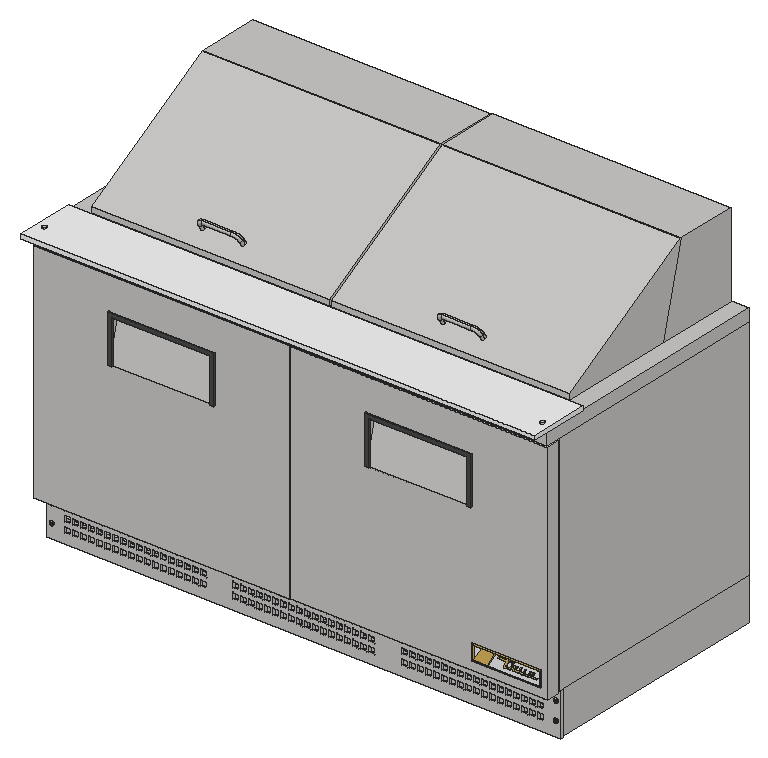
Revit family "QF_TRUE_TFP-64-24M", category Specialty Equipment, Revit 2011
Parameters
  Weight = " "
  Watts = FL Amps * Volts  # 0 W
  Volts = 115 V
  URL Manufacturer = "www.truemfg.com"
  URL Cutsheet = "www.truemfg.com"
  URL = "www.truemfg.com"
  Type Mark [instance] = ""
  Status [instance] = ""
  Specification by User [instance] = ""
  Specification by Manufacturer = ""
  Show Logo [instance] = yes
  Show Clearance [instance] = yes
  Serial Number = ""
  Seismic Rating = ""
  SMACNA No = ""
  Revision Code [instance] = ""
  Phase = 1
  Omniclass Number and Title = ""
  Number of Poles [instance] = 1
  NAFEM Spec ID Number = ""
  Model = "TFP-64-24M"
  Min Ckt Ampacity = 0 A
  Max Overcurrent Protection = 0 A
  MasterSpec. = ""
  Manufacturer = "TRUE FOOD SERVICE EQUIPMENT, INC."
  Item Number [instance] = ""
  Installed By [instance] = ""
  Identify Quantity as Lot [instance] = yes
  HP = "1/3"
  Furnished By [instance] = ""
  Foodservice Equipment Identifier [instance] = yes
  FL Amps = 0 A
  Electrical Remarks [instance] = ""
  Electric Connection Type [instance] = ""
  Elec Conn RI Height [instance] = 0"
  Elec Conn Connection Height [instance] = 0"
  Description = "FOOD PREP UNIT"
  Cycle = 60 Hz
  Conn Plug = "5-15P"
  Conn Conduit = yes
  CSI MasterFormat = ""
  CSI Master Format = ""
  Apparent Power = if(Phase = 3, Volts * FL Amps * 1.73, Volts * FL Amps)  # 0 VA
Reference planes (in)
  plane 1 "BACK": y = -16.5
  plane 2: z = 0
  plane 3 "LEFT": x = 0
  plane 4 "RIGHT": x = 64.125
  plane 5 "FRONT": y = -50.03125
  plane 6 "TOP": z = 46.5
  plane 7: x = 64.125
  plane 8: x = 17.125
  plane 9: y = -48
  plane 10: y = -78.5625
Forms (in)
  Extrusion 1, solid, material "QF_Finishes_Stainless Steel"
    sketch origin (0.125, 0, 0) x (0, 1, 0) y (0, 0, 1)
      loop
        line (-16.5, 36) -> (-16.5, 46.5) -> (-24.34375, 46.5) -> (-27.1875, 36) -> (-16.5, 36)
    from 2.125 to 31.875
  Extrusion 2, solid, material "QF_Finishes_Stainless Steel"
    sketch origin (2.18763, 0, 0) x (0, 1, 0) y (0, 0, 1)
      loop
        line (-27.1875, 36) -> (-24.34375, 46.5) -> (-41.71875, 36.68893) -> (-41.71875, 36) -> (-27.1875, 36)
    from 0.06237 to 29.81237
  Extrusion 3, solid, material "QF_Finishes_Stainless Steel"
    sketch origin (0, 0, 0) x (0, 1, 0) y (0, 0, 1)
      loop
        line (-48, 36) -> (-48, 34.40823) -> (-16.5, 34.40823) -> (-16.5, 36) -> (-48, 36)
    from 0 to 64.125
  Extrusion 4, solid, material "QF_Finishes_Stainless Steel"
    sketch origin (0, 0, 0) x (0, 1, 0) y (0, 0, 1)
      loop
        line (-45.87, 34.40823) -> (-45.87, 6.04042) -> (-16.96875, 6.04042) -> (-16.96875, 3.25) -> (-45.12, 3.25) -> (-45.12, 1) -> (-45.62, 1) -> (-45.62, 0.75) -> (-44.87, 0.75) -> (-44.87, 3) -> (-16.96875, 3) -> (-16.96875, 0.75) -> (-16.5, 0.75) -> (-16.5, 34.40823) -> (-45.87, 34.40823)
    from 0 to 64.125
  Extrusion 5, solid, material "QF_Finishes_Stainless Steel"
    sketch origin (0, -16.5, 0) x (1, 0, 0) y (0, 0, 1)
      loop
        line (0, 0.75) -> (0.53645, 0.75) -> (0.53645, 6.04042) -> (0, 6.04042) -> (0, 0.75)
      loop
        line (32.125, 0.75) -> (32.125, 6.04042) -> (31.58855, 6.04042) -> (31.58855, 0.75) -> (32.125, 0.75)
    from 0 to 29.12
  Extrusion 6, solid, material "QF_Finishes_Stainless Steel"
    sketch origin (0, -15, 0) x (1, 0, 0) y (0, 0, 1)
      loop
        line (32.03645, 6.04042) -> (32.03645, 34.28323) -> (0, 34.28323) -> (0, 6.04042) -> (32.03645, 6.04042)
      loop
        line (9.4375, 24.28323) -> (22.6875, 24.28323) -> (22.6875, 30.28323) -> (9.4375, 30.28323) -> (9.4375, 24.28323)
    from 31.44201 to 33
  Extrusion 7, solid, material "QF_Finishes_Black"
    sketch origin (0, 1.5, 0) x (0, 1, 0) y (0, 0, 1)
      loop
        line (-47.94201, 33.8406) -> (-47.94201, 6.82675) -> (-47.37, 6.82675) -> (-47.37, 33.8406) -> (-47.94201, 33.8406)
    from 0.53645 to 31.58855
  Extrusion 8, solid, material "QF_Finishes_Stainless Steel"
    sketch origin (0, 1.5, 0) x (0, 1, 0) y (0, 0, 1)
      loop
        line (-47.94201, 30.28323) -> (-49.5, 24.28323) -> (-47.94201, 24.28323) -> (-47.94201, 30.28323)
    from 9.4375 to 22.6875
  Extrusion 9, solid, material "QF_Finishes_Black"
    sketch origin (0, -48, 0) x (1, 0, 0) y (0, 0, 1)
      loop
        line (22.6875, 30.28323) -> (9.4375, 30.28323) -> (9.4375, 24.28323) -> (9.9375, 24.28323) -> (9.9375, 29.78323) -> (22.1875, 29.78323) -> (22.1875, 24.28323) -> (22.6875, 24.28323) -> (22.6875, 30.28323)
    from 0 to 0.125
  Extrusion 10, solid, material "QF_Finishes_White"
    sketch origin (0, 0, 0) x (0, 1, 0) y (0, 0, 1)
      loop
        line (-50.03125, 36.5) -> (-50.03125, 36) -> (-42.53125, 36) -> (-42.53125, 36.5) -> (-50.03125, 36.5)
    from 0 to 64.25
  Sweep 11, solid, material "QF_Finishes_Stainless Steel"
    path origin (0.94311, -19.52146, 7.92906) x (1, 0, 0) y (0, -0.560766, 0.827974)
      loop
        line (18.42574, 36.0969) -> (18.42574, 36.8469)
        arc (18.42574, 36.8469) -> (18.29892, 37.15309) -> (17.99273, 37.27992) r 0.43301
        line (17.99273, 37.27992) -> (14.37051, 37.27992)
        arc (14.37051, 37.27992) -> (14.06433, 37.15309) -> (13.9375, 36.8469) r 0.43301
        line (13.9375, 36.8469) -> (13.9375, 36.0969)
    profile origin (14.88061, -39.97367, 38.12686) x (1, 0, 0) y (0, -0.827974, -0.560766)
      loop
        circle (-0.25, 0) r 0.25
  Extrusion 12, solid, material "QF_Finishes_Handrails and Railings"
    sketch origin (0, -45.87, 0) x (1, 0, 0) y (0, 0, 1)
      loop
        circle (0.625, 4.80001) r 0.25
      loop
        circle (0.625, 2.55001) r 0.25
      loop
        line (0.60938, 4.93254) -> (0.60938, 4.81564) -> (0.49788, 4.81564) -> (0.49788, 4.78439) -> (0.60938, 4.78439) -> (0.60938, 4.66749) -> (0.64063, 4.66749) -> (0.64063, 4.78439) -> (0.75212, 4.78439) -> (0.75212, 4.81564) -> (0.64063, 4.81564) -> (0.64063, 4.93254) -> (0.60938, 4.93254)
      loop
        line (0.60937, 2.68254) -> (0.60937, 2.56564) -> (0.49788, 2.56564) -> (0.49788, 2.53439) -> (0.60937, 2.53439) -> (0.60937, 2.41749) -> (0.64062, 2.41749) -> (0.64062, 2.53439) -> (0.75212, 2.53439) -> (0.75212, 2.56564) -> (0.64062, 2.56564) -> (0.64062, 2.68254) -> (0.60937, 2.68254)
    from 0 to 0.0625
  Extrusion 13, solid, material "QF_Finishes_Satin - Goldenrod", visible <- "Show Logo"
    sketch origin (53.98583, -13.23203, -22.37075) x (1, 0, 0) y (0, 0, 1)
      loop
        line (4.18351, 31.09206) -> (4.10478, 30.92323) -> (5.15208, 30.92323)
        arc (5.15208, 30.92323) -> (5.17333, 30.88564) -> (5.15208, 30.84805) r 0.04386
        line (5.15208, 30.84805) -> (4.87892, 30.26228)
        arc (4.87892, 30.26228) -> (4.87656, 30.20802) -> (4.91325, 30.16798) r 0.07096
        line (4.91325, 30.16798) -> (5.5829, 30.16798)
        arc (5.5829, 30.16798) -> (5.66746, 30.19464) -> (5.72144, 30.26498) r 0.14742
        line (5.72144, 30.26498) -> (5.9364, 30.72597) -> (6.1339, 30.72597)
        arc (6.1339, 30.72597) -> (6.18572, 30.70692) -> (6.17822, 30.65222) r 0.04405
        line (6.17822, 30.65222) -> (5.99835, 30.26649)
        arc (5.99835, 30.26649) -> (6.00115, 30.20243) -> (6.05523, 30.16798) r 0.06943
        line (6.05523, 30.16798) -> (6.64365, 30.16798)
        arc (6.64365, 30.16798) -> (6.68873, 30.18439) -> (6.71272, 30.22594) r 0.07014
        arc (6.71272, 30.22594) -> (6.7297, 30.18495) -> (6.77068, 30.16798) r 0.05796
        line (6.77068, 30.16798) -> (7.14325, 30.16798)
        arc (7.14325, 30.16798) -> (7.18629, 30.17951) -> (7.2178, 30.21102) r 0.08608
        arc (7.2178, 30.21102) -> (7.23289, 30.1746) -> (7.26931, 30.15952) r 0.0515
        line (7.26931, 30.15952) -> (7.79882, 30.15952)
        arc (7.79882, 30.15952) -> (7.84211, 30.17745) -> (7.86005, 30.22074) r 0.06122
        arc (7.86005, 30.22074) -> (7.89973, 30.18105) -> (7.95394, 30.16653) r 0.10842
        line (7.95394, 30.16653) -> (8.94586, 30.16653) -> (9.05604, 30.35737) -> (8.05555, 30.35737)
        arc (8.05555, 30.35737) -> (8.02794, 30.37652) -> (8.02691, 30.41011) r 0.03732
        line (8.02691, 30.41011) -> (8.04422, 30.44722)
        arc (8.04422, 30.44722) -> (8.07079, 30.48203) -> (8.11255, 30.49524) r 0.07263
        line (8.11255, 30.49524) -> (8.43414, 30.49524)
        arc (8.43414, 30.49524) -> (8.50355, 30.51383) -> (8.55436, 30.56465) r 0.13882
        line (8.55436, 30.56465) -> (8.6475, 30.72597)
        arc (8.6475, 30.72597) -> (8.6475, 30.81208) -> (8.57293, 30.85513) r 0.08611
        line (8.57293, 30.85513) -> (8.23352, 30.85513)
        arc (8.23352, 30.85513) -> (8.14699, 30.84044) -> (8.08663, 30.77673) r 0.13863
        line (8.08663, 30.77673) -> (7.92534, 30.43083)
        arc (7.92534, 30.43083) -> (7.87774, 30.3688) -> (7.80316, 30.34528) r 0.13002
        line (7.80316, 30.34528) -> (7.45109, 30.34528)
        arc (7.45109, 30.34528) -> (7.40895, 30.39128) -> (7.41167, 30.4536) r 0.08151
        line (7.41167, 30.4536) -> (7.59891, 30.85513) -> (7.47974, 30.85513) -> (7.28137, 30.42972)
        arc (7.28137, 30.42972) -> (7.24283, 30.37949) -> (7.18244, 30.36046) r 0.10527
        line (7.18244, 30.36046) -> (6.93967, 30.36046)
        arc (6.93967, 30.36046) -> (6.89865, 30.41392) -> (6.90744, 30.48073) r 0.08805
        line (6.90744, 30.48073) -> (7.08203, 30.85513) -> (6.95897, 30.85513) -> (6.75801, 30.42418)
        arc (6.75801, 30.42418) -> (6.71136, 30.37753) -> (6.64764, 30.36046) r 0.12745
        line (6.64764, 30.36046) -> (6.29609, 30.36046)
        arc (6.29609, 30.36046) -> (6.23295, 30.3899) -> (6.22688, 30.4593) r 0.06967
        line (6.22688, 30.4593) -> (6.34243, 30.70711) -> (6.50577, 30.70711)
        arc (6.50577, 30.70711) -> (6.53334, 30.79018) -> (6.592, 30.85513) r 0.21289
        line (6.592, 30.85513) -> (5.95369, 30.85513)
        arc (5.95369, 30.85513) -> (5.88276, 30.83941) -> (5.83367, 30.78584) r 0.12081
        line (5.83367, 30.78584) -> (5.66065, 30.4148)
        arc (5.66065, 30.4148) -> (5.62087, 30.37502) -> (5.56653, 30.36046) r 0.10869
        line (5.56653, 30.36046) -> (5.18545, 30.36046)
        arc (5.18545, 30.36046) -> (5.15571, 30.40065) -> (5.16137, 30.45033) r 0.06822
        line (5.16137, 30.45033) -> (5.41281, 30.92323) -> (6.04721, 30.92323) -> (6.12594, 31.09206) -> (5.49154, 31.09206) -> (5.57027, 31.2609) -> (5.34459, 31.2609) -> (5.26586, 31.09206) -> (4.18351, 31.09206)
      loop
        arc (8.19062, 30.70184) -> (8.16316, 30.69448) -> (8.14305, 30.67438) r 0.05494
        line (8.14305, 30.67438) -> (8.12672, 30.62415)
        arc (8.12672, 30.62415) -> (8.13429, 30.60587) -> (8.15258, 30.59829) r 0.02586
        line (8.15258, 30.59829) -> (8.43014, 30.59829)
        arc (8.43014, 30.59829) -> (8.45013, 30.60273) -> (8.46638, 30.6152) r 0.04731
        line (8.46638, 30.6152) -> (8.47988, 30.6777)
        arc (8.47988, 30.6777) -> (8.47591, 30.69443) -> (8.46039, 30.70184) r 0.01994
        line (8.46039, 30.70184) -> (8.19062, 30.70184)
      loop
        line (1.13539, 29.6475) -> (2.84485, 29.6475) -> (3.77016, 31.25018) -> (2.0607, 31.25018) -> (1.13539, 29.6475)
    from 34.76797 to 34.83173
  Extrusion 14, solid, material "QF_Finishes_White", visible <- "Show Logo"
    sketch origin (-10.51627, -13.25, -25.21535) x (1, 0, 0) y (0, 0, 1)
      loop
        line (73.84232, 34.15728) -> (65.51732, 34.15728) -> (65.51732, 32.4296) -> (73.84232, 32.4296) -> (73.84232, 34.15728)
    from 34.75 to 34.76797
  Extrusion 15, solid, material "QF_Finishes_Satin - Goldenrod", visible <- "Show Logo"
    sketch origin (-10.51627, -13.25, -25.21535) x (1, 0, 0) y (0, 0, 1)
      loop
        line (73.97982, 34.29477) -> (65.37982, 34.29477) -> (65.37982, 32.2921) -> (73.97982, 32.2921) -> (73.97982, 34.29477)
      loop
        line (65.51732, 34.15728) -> (65.51732, 32.4296) -> (73.84232, 32.4296) -> (73.84232, 34.15728) -> (65.51732, 34.15728)
    from 34.75 to 34.80335
  Revolve 16, solid, material "QF_Finishes_Black"
    sketch origin (1.76401, -42.04829, 0.25) x (1, 0, 0) y (0, 0, 1)
      loop
        line (2.62908, 2.14592) -> (2.525, 2.25) -> (1.475, 2.25) -> (1.375, 2.15) -> (1.375, 1.10871) -> (1.05969, 1.10871) -> (1.05969, 1) -> (2.94031, 1) -> (2.94031, 1.10871) -> (2.62908, 1.10871) -> (2.62908, 2.14592)
      axis (2.94031, 1) -> (1.05969, 1)
    angle from 0 to 360
  Revolve 17, solid, material "QF_Finishes_Chrome - Satin"
    sketch origin (1.76605, -42.79776, -2.97972) x (1, 0, 0) y (0, 0, 1)
      loop
        line (2, 5.74546) -> (2, 5.97972) -> (0.70293, 5.97972) -> (0.70293, 5.74546) -> (2, 5.74546)
      axis (2, 5.74546) -> (2, 5.97972)
    angle from 0 to 360
  Extrusion 18, solid, material "QF_Finishes_Handrails and Railings"
    sketch origin (-46.0152, -14.33096, -2.47972) x (0, 1, 0) y (0, 0, 1)
      loop
        line (-29.85761, 5.24546) -> (-29.85761, 5.04886) -> (-27.1095, 5.04886) -> (-27.1095, 5.24546) -> (-29.85761, 5.24546)
    from 49.10625 to 50.45625
  Extrusion 19, solid, material "QF_Finishes_Handrails and Railings"
    sketch origin (1.76605, -12.67471, -2.21999) x (0, 1, 0) y (0, 0, 1)
      loop
        line (-31.51386, 4.98574) -> (-31.51386, 4.78914) -> (-31.17057, 4.78914) -> (-29.89421, 3.10275)
        arc (-29.89421, 3.10275) -> (-29.21858, 2.8289) -> (-28.76575, 3.40024) r 0.60806
        line (-28.76575, 3.40024) -> (-28.76575, 4.98574) -> (-31.51386, 4.98574)
    from 1.175 to 1.325
  Extrusion 20, solid, material "QF_Finishes_Handrails and Railings"
    sketch origin (5.76605, -12.67471, -2.21999) x (0, 1, 0) y (0, 0, -1)
      loop
        line (-31.51386, -4.98574) -> (-28.76575, -4.98574) -> (-28.76575, -3.40024)
        arc (-28.76575, -3.40024) -> (-29.21858, -2.8289) -> (-29.89421, -3.10275) r 0.60806
        line (-29.89421, -3.10275) -> (-31.17057, -4.78914) -> (-31.51386, -4.78914) -> (-31.51386, -4.98574)
    from 1.175 to 1.325
  Revolve 21, solid, material "QF_Finishes_Black"
    sketch origin (1.76401, -18.86079, 0.25) x (1, 0, 0) y (0, 0, 1)
      loop
        line (2.62908, 2.14592) -> (2.525, 2.25) -> (1.475, 2.25) -> (1.375, 2.15) -> (1.375, 1.10871) -> (1.05969, 1.10871) -> (1.05969, 1) -> (2.94031, 1) -> (2.94031, 1.10871) -> (2.62908, 1.10871) -> (2.62908, 2.14592)
      axis (2.94031, 1) -> (1.05969, 1)
    angle from 0 to 360
  Revolve 22, solid, material "QF_Finishes_Chrome - Satin"
    sketch origin (1.76605, -19.61026, -2.97972) x (1, 0, 0) y (0, 0, 1)
      loop
        line (2, 5.74546) -> (2, 5.97972) -> (0.70293, 5.97972) -> (0.70293, 5.74546) -> (2, 5.74546)
      axis (2, 5.74546) -> (2, 5.97972)
    angle from 0 to 360
  Extrusion 23, solid, material "QF_Finishes_Handrails and Railings"
    sketch origin (-46.0152, 8.85654, -2.47972) x (0, 1, 0) y (0, 0, 1)
      loop
        line (-29.85761, 5.24546) -> (-29.85761, 5.04886) -> (-27.1095, 5.04886) -> (-27.1095, 5.24546) -> (-29.85761, 5.24546)
    from 49.10625 to 50.45625
  Extrusion 24, solid, material "QF_Finishes_Handrails and Railings"
    sketch origin (1.76605, 10.51279, -2.21999) x (0, 1, 0) y (0, 0, 1)
      loop
        line (-31.51386, 4.98574) -> (-31.51386, 4.78914) -> (-31.17057, 4.78914) -> (-29.89421, 3.10275)
        arc (-29.89421, 3.10275) -> (-29.21858, 2.8289) -> (-28.76575, 3.40024) r 0.60806
        line (-28.76575, 3.40024) -> (-28.76575, 4.98574) -> (-31.51386, 4.98574)
    from 1.175 to 1.325
  Extrusion 25, solid, material "QF_Finishes_Handrails and Railings"
    sketch origin (5.76605, 10.51279, -2.21999) x (0, 1, 0) y (0, 0, -1)
      loop
        line (-31.51386, -4.98574) -> (-28.76575, -4.98574) -> (-28.76575, -3.40024)
        arc (-28.76575, -3.40024) -> (-29.21858, -2.8289) -> (-29.89421, -3.10275) r 0.60806
        line (-29.89421, -3.10275) -> (-31.17057, -4.78914) -> (-31.51386, -4.78914) -> (-31.51386, -4.98574)
    from 1.175 to 1.325
  Extrusion 26, solid, material "QF_Finishes_Stainless Steel"
    sketch origin (32.125, -16.5, 0) x (1, 0, 0) y (0, 0, 1)
      loop
        circle (29.81237, 6.1875) r 0.25
    from 0 to 0.125
  Extrusion 27, solid, material "QF_Finishes_Handrails and Railings"
    sketch origin (0, 0, 36.5) x (1, 0, 0) y (0, 1, 0)
      loop
        circle (1, -47.5255) r 0.25
    from 0 to 0.0625
  Extrusion 28, solid, material "QF_Finishes_Stainless Steel"
    sketch origin (8, -16, 0) x (1, 0, 0) y (0, 0, 1)
      loop
        line (-8, 0.75) -> (56.25, 0.75) -> (56.25, 6.05001) -> (-8, 6.05001) -> (-8, 0.75)
      loop
        line (-5.8125, 5.23339) -> (-5.8125, 4.48339) -> (-5.0625, 4.48339) -> (-5.0625, 5.23339) -> (-5.8125, 5.23339)
      loop
        line (-3.8125, 5.23339) -> (-3.8125, 4.48339) -> (-3.0625, 4.48339) -> (-3.0625, 5.23339) -> (-3.8125, 5.23339)
      loop
        line (-1.8125, 5.23339) -> (-1.8125, 4.48339) -> (-1.0625, 4.48339) -> (-1.0625, 5.23339) -> (-1.8125, 5.23339)
      loop
        line (0.1875, 5.23339) -> (0.1875, 4.48339) -> (0.9375, 4.48339) -> (0.9375, 5.23339) -> (0.1875, 5.23339)
      loop
        line (2.1875, 5.23339) -> (2.1875, 4.48339) -> (2.9375, 4.48339) -> (2.9375, 5.23339) -> (2.1875, 5.23339)
      loop
        line (4.1875, 5.23339) -> (4.1875, 4.48339) -> (4.9375, 4.48339) -> (4.9375, 5.23339) -> (4.1875, 5.23339)
      loop
        line (6.1875, 5.23339) -> (6.1875, 4.48339) -> (6.9375, 4.48339) -> (6.9375, 5.23339) -> (6.1875, 5.23339)
      loop
        line (-5.8125, 3.98339) -> (-5.8125, 3.23339) -> (-5.0625, 3.23339) -> (-5.0625, 3.98339) -> (-5.8125, 3.98339)
      loop
        line (-3.8125, 3.98339) -> (-3.8125, 3.23339) -> (-3.0625, 3.23339) -> (-3.0625, 3.98339) -> (-3.8125, 3.98339)
      loop
        line (-1.8125, 3.98339) -> (-1.8125, 3.23339) -> (-1.0625, 3.23339) -> (-1.0625, 3.98339) -> (-1.8125, 3.98339)
      loop
        line (0.1875, 3.98339) -> (0.1875, 3.23339) -> (0.9375, 3.23339) -> (0.9375, 3.98339) -> (0.1875, 3.98339)
      loop
        line (2.1875, 3.98339) -> (2.1875, 3.23339) -> (2.9375, 3.23339) -> (2.9375, 3.98339) -> (2.1875, 3.98339)
      loop
        line (4.1875, 3.98339) -> (4.1875, 3.23339) -> (4.9375, 3.23339) -> (4.9375, 3.98339) -> (4.1875, 3.98339)
      loop
        line (6.1875, 3.98339) -> (6.1875, 3.23339) -> (6.9375, 3.23339) -> (6.9375, 3.98339) -> (6.1875, 3.98339)
      loop
        line (-5.8125, 2.73339) -> (-5.8125, 1.98339) -> (-5.0625, 1.98339) -> (-5.0625, 2.73339) -> (-5.8125, 2.73339)
      loop
        line (-3.8125, 2.73339) -> (-3.8125, 1.98339) -> (-3.0625, 1.98339) -> (-3.0625, 2.73339) -> (-3.8125, 2.73339)
      loop
        line (-1.8125, 2.73339) -> (-1.8125, 1.98339) -> (-1.0625, 1.98339) -> (-1.0625, 2.73339) -> (-1.8125, 2.73339)
      loop
        line (0.1875, 2.73339) -> (0.1875, 1.98339) -> (0.9375, 1.98339) -> (0.9375, 2.73339) -> (0.1875, 2.73339)
      loop
        line (2.1875, 2.73339) -> (2.1875, 1.98339) -> (2.9375, 1.98339) -> (2.9375, 2.73339) -> (2.1875, 2.73339)
      loop
        line (4.1875, 2.73339) -> (4.1875, 1.98339) -> (4.9375, 1.98339) -> (4.9375, 2.73339) -> (4.1875, 2.73339)
      loop
        line (6.1875, 2.73339) -> (6.1875, 1.98339) -> (6.9375, 1.98339) -> (6.9375, 2.73339) -> (6.1875, 2.73339)
      loop
        line (-4.8125, 5.23339) -> (-4.8125, 4.48339) -> (-4.0625, 4.48339) -> (-4.0625, 5.23339) -> (-4.8125, 5.23339)
      loop
        line (-4.8125, 3.98339) -> (-4.8125, 3.23339) -> (-4.0625, 3.23339) -> (-4.0625, 3.98339) -> (-4.8125, 3.98339)
      loop
        line (-4.8125, 2.73339) -> (-4.8125, 1.98339) -> (-4.0625, 1.98339) -> (-4.0625, 2.73339) -> (-4.8125, 2.73339)
      loop
        line (-2.8125, 5.23339) -> (-2.8125, 4.48339) -> (-2.0625, 4.48339) -> (-2.0625, 5.23339) -> (-2.8125, 5.23339)
      loop
        line (-2.8125, 3.98339) -> (-2.8125, 3.23339) -> (-2.0625, 3.23339) -> (-2.0625, 3.98339) -> (-2.8125, 3.98339)
      loop
        line (-2.8125, 2.73339) -> (-2.8125, 1.98339) -> (-2.0625, 1.98339) -> (-2.0625, 2.73339) -> (-2.8125, 2.73339)
      loop
        line (-0.8125, 5.23339) -> (-0.8125, 4.48339) -> (-0.0625, 4.48339) -> (-0.0625, 5.23339) -> (-0.8125, 5.23339)
      loop
        line (-0.8125, 3.98339) -> (-0.8125, 3.23339) -> (-0.0625, 3.23339) -> (-0.0625, 3.98339) -> (-0.8125, 3.98339)
      loop
        line (-0.8125, 2.73339) -> (-0.8125, 1.98339) -> (-0.0625, 1.98339) -> (-0.0625, 2.73339) -> (-0.8125, 2.73339)
      loop
        line (1.1875, 5.23339) -> (1.1875, 4.48339) -> (1.9375, 4.48339) -> (1.9375, 5.23339) -> (1.1875, 5.23339)
      loop
        line (1.1875, 3.98339) -> (1.1875, 3.23339) -> (1.9375, 3.23339) -> (1.9375, 3.98339) -> (1.1875, 3.98339)
      loop
        line (1.1875, 2.73339) -> (1.1875, 1.98339) -> (1.9375, 1.98339) -> (1.9375, 2.73339) -> (1.1875, 2.73339)
      loop
        line (3.1875, 5.23339) -> (3.1875, 4.48339) -> (3.9375, 4.48339) -> (3.9375, 5.23339) -> (3.1875, 5.23339)
      loop
        line (3.1875, 3.98339) -> (3.1875, 3.23339) -> (3.9375, 3.23339) -> (3.9375, 3.98339) -> (3.1875, 3.98339)
      loop
        line (3.1875, 2.73339) -> (3.1875, 1.98339) -> (3.9375, 1.98339) -> (3.9375, 2.73339) -> (3.1875, 2.73339)
      loop
        line (5.1875, 5.23339) -> (5.1875, 4.48339) -> (5.9375, 4.48339) -> (5.9375, 5.23339) -> (5.1875, 5.23339)
      loop
        line (5.1875, 3.98339) -> (5.1875, 3.23339) -> (5.9375, 3.23339) -> (5.9375, 3.98339) -> (5.1875, 3.98339)
      loop
        line (5.1875, 2.73339) -> (5.1875, 1.98339) -> (5.9375, 1.98339) -> (5.9375, 2.73339) -> (5.1875, 2.73339)
      loop
        line (8.1875, 5.23339) -> (8.1875, 4.48339) -> (8.9375, 4.48339) -> (8.9375, 5.23339) -> (8.1875, 5.23339)
      loop
        line (10.1875, 5.23339) -> (10.1875, 4.48339) -> (10.9375, 4.48339) -> (10.9375, 5.23339) -> (10.1875, 5.23339)
      loop
        line (8.1875, 3.98339) -> (8.1875, 3.23339) -> (8.9375, 3.23339) -> (8.9375, 3.98339) -> (8.1875, 3.98339)
      loop
        line (10.1875, 3.98339) -> (10.1875, 3.23339) -> (10.9375, 3.23339) -> (10.9375, 3.98339) -> (10.1875, 3.98339)
      loop
        line (8.1875, 2.73339) -> (8.1875, 1.98339) -> (8.9375, 1.98339) -> (8.9375, 2.73339) -> (8.1875, 2.73339)
      loop
        line (10.1875, 2.73339) -> (10.1875, 1.98339) -> (10.9375, 1.98339) -> (10.9375, 2.73339) -> (10.1875, 2.73339)
      loop
        line (7.1875, 5.23339) -> (7.1875, 4.48339) -> (7.9375, 4.48339) -> (7.9375, 5.23339) -> (7.1875, 5.23339)
      loop
        line (7.1875, 3.98339) -> (7.1875, 3.23339) -> (7.9375, 3.23339) -> (7.9375, 3.98339) -> (7.1875, 3.98339)
      loop
        line (7.1875, 2.73339) -> (7.1875, 1.98339) -> (7.9375, 1.98339) -> (7.9375, 2.73339) -> (7.1875, 2.73339)
      loop
        line (9.1875, 5.23339) -> (9.1875, 4.48339) -> (9.9375, 4.48339) -> (9.9375, 5.23339) -> (9.1875, 5.23339)
      loop
        line (9.1875, 3.98339) -> (9.1875, 3.23339) -> (9.9375, 3.23339) -> (9.9375, 3.98339) -> (9.1875, 3.98339)
      loop
        line (9.1875, 2.73339) -> (9.1875, 1.98339) -> (9.9375, 1.98339) -> (9.9375, 2.73339) -> (9.1875, 2.73339)
      loop
        line (11.1875, 5.23339) -> (11.1875, 4.48339) -> (11.9375, 4.48339) -> (11.9375, 5.23339) -> (11.1875, 5.23339)
      loop
        line (11.1875, 3.98339) -> (11.1875, 3.23339) -> (11.9375, 3.23339) -> (11.9375, 3.98339) -> (11.1875, 3.98339)
      loop
        line (11.1875, 2.73339) -> (11.1875, 1.98339) -> (11.9375, 1.98339) -> (11.9375, 2.73339) -> (11.1875, 2.73339)
      loop
        line (15.25, 5.23339) -> (15.25, 4.48339) -> (16, 4.48339) -> (16, 5.23339) -> (15.25, 5.23339)
      loop
        line (17.25, 5.23339) -> (17.25, 4.48339) -> (18, 4.48339) -> (18, 5.23339) -> (17.25, 5.23339)
      loop
        line (19.25, 5.23339) -> (19.25, 4.48339) -> (20, 4.48339) -> (20, 5.23339) -> (19.25, 5.23339)
      loop
        line (21.25, 5.23339) -> (21.25, 4.48339) -> (22, 4.48339) -> (22, 5.23339) -> (21.25, 5.23339)
      loop
        line (23.25, 5.23339) -> (23.25, 4.48339) -> (24, 4.48339) -> (24, 5.23339) -> (23.25, 5.23339)
      loop
        line (25.25, 5.23339) -> (25.25, 4.48339) -> (26, 4.48339) -> (26, 5.23339) -> (25.25, 5.23339)
      loop
        line (27.25, 5.23339) -> (27.25, 4.48339) -> (28, 4.48339) -> (28, 5.23339) -> (27.25, 5.23339)
      loop
        line (15.25, 3.98339) -> (15.25, 3.23339) -> (16, 3.23339) -> (16, 3.98339) -> (15.25, 3.98339)
      loop
        line (17.25, 3.98339) -> (17.25, 3.23339) -> (18, 3.23339) -> (18, 3.98339) -> (17.25, 3.98339)
      loop
        line (19.25, 3.98339) -> (19.25, 3.23339) -> (20, 3.23339) -> (20, 3.98339) -> (19.25, 3.98339)
      loop
        line (21.25, 3.98339) -> (21.25, 3.23339) -> (22, 3.23339) -> (22, 3.98339) -> (21.25, 3.98339)
      loop
        line (23.25, 3.98339) -> (23.25, 3.23339) -> (24, 3.23339) -> (24, 3.98339) -> (23.25, 3.98339)
      loop
        line (25.25, 3.98339) -> (25.25, 3.23339) -> (26, 3.23339) -> (26, 3.98339) -> (25.25, 3.98339)
      loop
        line (27.25, 3.98339) -> (27.25, 3.23339) -> (28, 3.23339) -> (28, 3.98339) -> (27.25, 3.98339)
      loop
        line (15.25, 2.73339) -> (15.25, 1.98339) -> (16, 1.98339) -> (16, 2.73339) -> (15.25, 2.73339)
      loop
        line (17.25, 2.73339) -> (17.25, 1.98339) -> (18, 1.98339) -> (18, 2.73339) -> (17.25, 2.73339)
      loop
        line (19.25, 2.73339) -> (19.25, 1.98339) -> (20, 1.98339) -> (20, 2.73339) -> (19.25, 2.73339)
      loop
        line (21.25, 2.73339) -> (21.25, 1.98339) -> (22, 1.98339) -> (22, 2.73339) -> (21.25, 2.73339)
      loop
        line (23.25, 2.73339) -> (23.25, 1.98339) -> (24, 1.98339) -> (24, 2.73339) -> (23.25, 2.73339)
      loop
        line (25.25, 2.73339) -> (25.25, 1.98339) -> (26, 1.98339) -> (26, 2.73339) -> (25.25, 2.73339)
      loop
        line (27.25, 2.73339) -> (27.25, 1.98339) -> (28, 1.98339) -> (28, 2.73339) -> (27.25, 2.73339)
      loop
        line (16.25, 5.23339) -> (16.25, 4.48339) -> (17, 4.48339) -> (17, 5.23339) -> (16.25, 5.23339)
      loop
        line (16.25, 3.98339) -> (16.25, 3.23339) -> (17, 3.23339) -> (17, 3.98339) -> (16.25, 3.98339)
      loop
        line (16.25, 2.73339) -> (16.25, 1.98339) -> (17, 1.98339) -> (17, 2.73339) -> (16.25, 2.73339)
      loop
        line (18.25, 5.23339) -> (18.25, 4.48339) -> (19, 4.48339) -> (19, 5.23339) -> (18.25, 5.23339)
      loop
        line (18.25, 3.98339) -> (18.25, 3.23339) -> (19, 3.23339) -> (19, 3.98339) -> (18.25, 3.98339)
      loop
        line (18.25, 2.73339) -> (18.25, 1.98339) -> (19, 1.98339) -> (19, 2.73339) -> (18.25, 2.73339)
      loop
        line (20.25, 5.23339) -> (20.25, 4.48339) -> (21, 4.48339) -> (21, 5.23339) -> (20.25, 5.23339)
      loop
        line (20.25, 3.98339) -> (20.25, 3.23339) -> (21, 3.23339) -> (21, 3.98339) -> (20.25, 3.98339)
      loop
        line (20.25, 2.73339) -> (20.25, 1.98339) -> (21, 1.98339) -> (21, 2.73339) -> (20.25, 2.73339)
      loop
        line (22.25, 5.23339) -> (22.25, 4.48339) -> (23, 4.48339) -> (23, 5.23339) -> (22.25, 5.23339)
      loop
        line (22.25, 3.98339) -> (22.25, 3.23339) -> (23, 3.23339) -> (23, 3.98339) -> (22.25, 3.98339)
      loop
        line (22.25, 2.73339) -> (22.25, 1.98339) -> (23, 1.98339) -> (23, 2.73339) -> (22.25, 2.73339)
      loop
        line (24.25, 5.23339) -> (24.25, 4.48339) -> (25, 4.48339) -> (25, 5.23339) -> (24.25, 5.23339)
      loop
        line (24.25, 3.98339) -> (24.25, 3.23339) -> (25, 3.23339) -> (25, 3.98339) -> (24.25, 3.98339)
      loop
        line (24.25, 2.73339) -> (24.25, 1.98339) -> (25, 1.98339) -> (25, 2.73339) -> (24.25, 2.73339)
      loop
        line (26.25, 5.23339) -> (26.25, 4.48339) -> (27, 4.48339) -> (27, 5.23339) -> (26.25, 5.23339)
      loop
        line (26.25, 3.98339) -> (26.25, 3.23339) -> (27, 3.23339) -> (27, 3.98339) -> (26.25, 3.98339)
      loop
        line (26.25, 2.73339) -> (26.25, 1.98339) -> (27, 1.98339) -> (27, 2.73339) -> (26.25, 2.73339)
      loop
        line (29.25, 5.23339) -> (29.25, 4.48339) -> (30, 4.48339) -> (30, 5.23339) -> (29.25, 5.23339)
      loop
        line (31.25, 5.23339) -> (31.25, 4.48339) -> (32, 4.48339) -> (32, 5.23339) -> (31.25, 5.23339)
      loop
        line (29.25, 3.98339) -> (29.25, 3.23339) -> (30, 3.23339) -> (30, 3.98339) -> (29.25, 3.98339)
      loop
        line (31.25, 3.98339) -> (31.25, 3.23339) -> (32, 3.23339) -> (32, 3.98339) -> (31.25, 3.98339)
      loop
        line (29.25, 2.73339) -> (29.25, 1.98339) -> (30, 1.98339) -> (30, 2.73339) -> (29.25, 2.73339)
      loop
        line (31.25, 2.73339) -> (31.25, 1.98339) -> (32, 1.98339) -> (32, 2.73339) -> (31.25, 2.73339)
      loop
        line (28.25, 5.23339) -> (28.25, 4.48339) -> (29, 4.48339) -> (29, 5.23339) -> (28.25, 5.23339)
      loop
        line (28.25, 3.98339) -> (28.25, 3.23339) -> (29, 3.23339) -> (29, 3.98339) -> (28.25, 3.98339)
      loop
        line (28.25, 2.73339) -> (28.25, 1.98339) -> (29, 1.98339) -> (29, 2.73339) -> (28.25, 2.73339)
      loop
        line (30.25, 5.23339) -> (30.25, 4.48339) -> (31, 4.48339) -> (31, 5.23339) -> (30.25, 5.23339)
      loop
        line (30.25, 3.98339) -> (30.25, 3.23339) -> (31, 3.23339) -> (31, 3.98339) -> (30.25, 3.98339)
      loop
        line (30.25, 2.73339) -> (30.25, 1.98339) -> (31, 1.98339) -> (31, 2.73339) -> (30.25, 2.73339)
      loop
        line (32.25, 5.23339) -> (32.25, 4.48339) -> (33, 4.48339) -> (33, 5.23339) -> (32.25, 5.23339)
      loop
        line (32.25, 3.98339) -> (32.25, 3.23339) -> (33, 3.23339) -> (33, 3.98339) -> (32.25, 3.98339)
      loop
        line (32.25, 2.73339) -> (32.25, 1.98339) -> (33, 1.98339) -> (33, 2.73339) -> (32.25, 2.73339)
      loop
        line (54.0625, 5.23339) -> (53.3125, 5.23339) -> (53.3125, 4.48339) -> (54.0625, 4.48339) -> (54.0625, 5.23339)
      loop
        line (52.0625, 5.23339) -> (51.3125, 5.23339) -> (51.3125, 4.48339) -> (52.0625, 4.48339) -> (52.0625, 5.23339)
      loop
        line (50.0625, 5.23339) -> (49.3125, 5.23339) -> (49.3125, 4.48339) -> (50.0625, 4.48339) -> (50.0625, 5.23339)
      loop
        line (48.0625, 5.23339) -> (47.3125, 5.23339) -> (47.3125, 4.48339) -> (48.0625, 4.48339) -> (48.0625, 5.23339)
      loop
        line (46.0625, 5.23339) -> (45.3125, 5.23339) -> (45.3125, 4.48339) -> (46.0625, 4.48339) -> (46.0625, 5.23339)
      loop
        line (44.0625, 5.23339) -> (43.3125, 5.23339) -> (43.3125, 4.48339) -> (44.0625, 4.48339) -> (44.0625, 5.23339)
      loop
        line (42.0625, 5.23339) -> (41.3125, 5.23339) -> (41.3125, 4.48339) -> (42.0625, 4.48339) -> (42.0625, 5.23339)
      loop
        line (54.0625, 3.98339) -> (53.3125, 3.98339) -> (53.3125, 3.23339) -> (54.0625, 3.23339) -> (54.0625, 3.98339)
      loop
        line (52.0625, 3.98339) -> (51.3125, 3.98339) -> (51.3125, 3.23339) -> (52.0625, 3.23339) -> (52.0625, 3.98339)
      loop
        line (50.0625, 3.98339) -> (49.3125, 3.98339) -> (49.3125, 3.23339) -> (50.0625, 3.23339) -> (50.0625, 3.98339)
      loop
        line (48.0625, 3.98339) -> (47.3125, 3.98339) -> (47.3125, 3.23339) -> (48.0625, 3.23339) -> (48.0625, 3.98339)
      loop
        line (46.0625, 3.98339) -> (45.3125, 3.98339) -> (45.3125, 3.23339) -> (46.0625, 3.23339) -> (46.0625, 3.98339)
      loop
        line (44.0625, 3.98339) -> (43.3125, 3.98339) -> (43.3125, 3.23339) -> (44.0625, 3.23339) -> (44.0625, 3.98339)
      loop
        line (42.0625, 3.98339) -> (41.3125, 3.98339) -> (41.3125, 3.23339) -> (42.0625, 3.23339) -> (42.0625, 3.98339)
      loop
        line (54.0625, 2.73339) -> (53.3125, 2.73339) -> (53.3125, 1.98339) -> (54.0625, 1.98339) -> (54.0625, 2.73339)
      loop
        line (52.0625, 2.73339) -> (51.3125, 2.73339) -> (51.3125, 1.98339) -> (52.0625, 1.98339) -> (52.0625, 2.73339)
      loop
        line (50.0625, 2.73339) -> (49.3125, 2.73339) -> (49.3125, 1.98339) -> (50.0625, 1.98339) -> (50.0625, 2.73339)
      loop
        line (48.0625, 2.73339) -> (47.3125, 2.73339) -> (47.3125, 1.98339) -> (48.0625, 1.98339) -> (48.0625, 2.73339)
      loop
        line (46.0625, 2.73339) -> (45.3125, 2.73339) -> (45.3125, 1.98339) -> (46.0625, 1.98339) -> (46.0625, 2.73339)
      loop
        line (44.0625, 2.73339) -> (43.3125, 2.73339) -> (43.3125, 1.98339) -> (44.0625, 1.98339) -> (44.0625, 2.73339)
      loop
        line (42.0625, 2.73339) -> (41.3125, 2.73339) -> (41.3125, 1.98339) -> (42.0625, 1.98339) -> (42.0625, 2.73339)
      loop
        line (53.0625, 5.23339) -> (52.3125, 5.23339) -> (52.3125, 4.48339) -> (53.0625, 4.48339) -> (53.0625, 5.23339)
      loop
        line (53.0625, 3.98339) -> (52.3125, 3.98339) -> (52.3125, 3.23339) -> (53.0625, 3.23339) -> (53.0625, 3.98339)
      loop
        line (53.0625, 2.73339) -> (52.3125, 2.73339) -> (52.3125, 1.98339) -> (53.0625, 1.98339) -> (53.0625, 2.73339)
      loop
        line (51.0625, 5.23339) -> (50.3125, 5.23339) -> (50.3125, 4.48339) -> (51.0625, 4.48339) -> (51.0625, 5.23339)
      loop
        line (51.0625, 3.98339) -> (50.3125, 3.98339) -> (50.3125, 3.23339) -> (51.0625, 3.23339) -> (51.0625, 3.98339)
      loop
        line (51.0625, 2.73339) -> (50.3125, 2.73339) -> (50.3125, 1.98339) -> (51.0625, 1.98339) -> (51.0625, 2.73339)
      loop
        line (49.0625, 5.23339) -> (48.3125, 5.23339) -> (48.3125, 4.48339) -> (49.0625, 4.48339) -> (49.0625, 5.23339)
      loop
        line (49.0625, 3.98339) -> (48.3125, 3.98339) -> (48.3125, 3.23339) -> (49.0625, 3.23339) -> (49.0625, 3.98339)
      loop
        line (49.0625, 2.73339) -> (48.3125, 2.73339) -> (48.3125, 1.98339) -> (49.0625, 1.98339) -> (49.0625, 2.73339)
      loop
        line (47.0625, 5.23339) -> (46.3125, 5.23339) -> (46.3125, 4.48339) -> (47.0625, 4.48339) -> (47.0625, 5.23339)
      loop
        line (47.0625, 3.98339) -> (46.3125, 3.98339) -> (46.3125, 3.23339) -> (47.0625, 3.23339) -> (47.0625, 3.98339)
      loop
        line (47.0625, 2.73339) -> (46.3125, 2.73339) -> (46.3125, 1.98339) -> (47.0625, 1.98339) -> (47.0625, 2.73339)
      loop
        line (45.0625, 5.23339) -> (44.3125, 5.23339) -> (44.3125, 4.48339) -> (45.0625, 4.48339) -> (45.0625, 5.23339)
      loop
        line (45.0625, 3.98339) -> (44.3125, 3.98339) -> (44.3125, 3.23339) -> (45.0625, 3.23339) -> (45.0625, 3.98339)
      loop
        line (45.0625, 2.73339) -> (44.3125, 2.73339) -> (44.3125, 1.98339) -> (45.0625, 1.98339) -> (45.0625, 2.73339)
      loop
        line (43.0625, 5.23339) -> (42.3125, 5.23339) -> (42.3125, 4.48339) -> (43.0625, 4.48339) -> (43.0625, 5.23339)
      loop
        line (43.0625, 3.98339) -> (42.3125, 3.98339) -> (42.3125, 3.23339) -> (43.0625, 3.23339) -> (43.0625, 3.98339)
      loop
        line (43.0625, 2.73339) -> (42.3125, 2.73339) -> (42.3125, 1.98339) -> (43.0625, 1.98339) -> (43.0625, 2.73339)
      loop
        line (40.0625, 5.23339) -> (39.3125, 5.23339) -> (39.3125, 4.48339) -> (40.0625, 4.48339) -> (40.0625, 5.23339)
      loop
        line (38.0625, 5.23339) -> (37.3125, 5.23339) -> (37.3125, 4.48339) -> (38.0625, 4.48339) -> (38.0625, 5.23339)
      loop
        line (40.0625, 3.98339) -> (39.3125, 3.98339) -> (39.3125, 3.23339) -> (40.0625, 3.23339) -> (40.0625, 3.98339)
      loop
        line (38.0625, 3.98339) -> (37.3125, 3.98339) -> (37.3125, 3.23339) -> (38.0625, 3.23339) -> (38.0625, 3.98339)
      loop
        line (40.0625, 2.73339) -> (39.3125, 2.73339) -> (39.3125, 1.98339) -> (40.0625, 1.98339) -> (40.0625, 2.73339)
      loop
        line (38.0625, 2.73339) -> (37.3125, 2.73339) -> (37.3125, 1.98339) -> (38.0625, 1.98339) -> (38.0625, 2.73339)
      loop
        line (41.0625, 5.23339) -> (40.3125, 5.23339) -> (40.3125, 4.48339) -> (41.0625, 4.48339) -> (41.0625, 5.23339)
      loop
        line (41.0625, 3.98339) -> (40.3125, 3.98339) -> (40.3125, 3.23339) -> (41.0625, 3.23339) -> (41.0625, 3.98339)
      loop
        line (41.0625, 2.73339) -> (40.3125, 2.73339) -> (40.3125, 1.98339) -> (41.0625, 1.98339) -> (41.0625, 2.73339)
      loop
        line (39.0625, 5.23339) -> (38.3125, 5.23339) -> (38.3125, 4.48339) -> (39.0625, 4.48339) -> (39.0625, 5.23339)
      loop
        line (39.0625, 3.98339) -> (38.3125, 3.98339) -> (38.3125, 3.23339) -> (39.0625, 3.23339) -> (39.0625, 3.98339)
      loop
        line (39.0625, 2.73339) -> (38.3125, 2.73339) -> (38.3125, 1.98339) -> (39.0625, 1.98339) -> (39.0625, 2.73339)
      loop
        line (37.0625, 5.23339) -> (36.3125, 5.23339) -> (36.3125, 4.48339) -> (37.0625, 4.48339) -> (37.0625, 5.23339)
      loop
        line (37.0625, 3.98339) -> (36.3125, 3.98339) -> (36.3125, 3.23339) -> (37.0625, 3.23339) -> (37.0625, 3.98339)
      loop
        line (37.0625, 2.73339) -> (36.3125, 2.73339) -> (36.3125, 1.98339) -> (37.0625, 1.98339) -> (37.0625, 2.73339)
    from 29.62 to 29.87
  Extrusion 29, solid, material "QF_Finishes_Stainless Steel"
    sketch origin (64.125, 0, 0) x (0, 1, 0) y (0, 0, -1)
      loop
        line (-16.5, -36) -> (-27.1875, -36) -> (-24.34375, -46.5) -> (-16.5, -46.5) -> (-16.5, -36)
    from 2.125 to 31.875
  Extrusion 30, solid, material "QF_Finishes_Stainless Steel"
    sketch origin (64.31237, 0, 0) x (0, 1, 0) y (0, 0, -1)
      loop
        line (-27.1875, -36) -> (-41.71875, -36) -> (-41.71875, -36.68893) -> (-24.34375, -46.5) -> (-27.1875, -36)
    from 2.31237 to 32.06237
  Extrusion 31, solid, material "QF_Finishes_Stainless Steel"
    sketch origin (64.25, -16.5, 0) x (-1, 0, 0) y (0, 0, -1)
      loop
        line (0.125, -0.75) -> (0.125, -6.04042) -> (0.53645, -6.04042) -> (0.53645, -0.75) -> (0.125, -0.75)
    from 0 to 29.12
  Extrusion 32, solid, material "QF_Finishes_Stainless Steel"
    sketch origin (64.25, -15, 0) x (-1, 0, 0) y (0, 0, -1)
      loop
        line (32.03645, -6.04042) -> (0, -6.04042) -> (0, -34.28323) -> (32.03645, -34.28323) -> (32.03645, -6.04042)
      loop
        line (9.4375, -24.28323) -> (9.4375, -30.28323) -> (22.6875, -30.28323) -> (22.6875, -24.28323) -> (9.4375, -24.28323)
    from 31.44201 to 33
  Extrusion 33, solid, material "QF_Finishes_Black"
    sketch origin (64.25, 1.5, 0) x (0, 1, 0) y (0, 0, -1)
      loop
        line (-47.94201, -33.8406) -> (-47.37, -33.8406) -> (-47.37, -6.82675) -> (-47.94201, -6.82675) -> (-47.94201, -33.8406)
    from 0.53645 to 31.58855
  Extrusion 34, solid, material "QF_Finishes_Stainless Steel"
    sketch origin (64.25, 1.5, 0) x (0, 1, 0) y (0, 0, -1)
      loop
        line (-47.94201, -30.28323) -> (-47.94201, -24.28323) -> (-49.5, -24.28323) -> (-47.94201, -30.28323)
    from 9.4375 to 22.6875
  Extrusion 35, solid, material "QF_Finishes_Black"
    sketch origin (64.25, -48, 0) x (-1, 0, 0) y (0, 0, -1)
      loop
        line (22.6875, -30.28323) -> (22.6875, -24.28323) -> (22.1875, -24.28323) -> (22.1875, -29.78323) -> (9.9375, -29.78323) -> (9.9375, -24.28323) -> (9.4375, -24.28323) -> (9.4375, -30.28323) -> (22.6875, -30.28323)
    from 0 to 0.125
  Extrusion 36, solid, material "QF_Finishes_Handrails and Railings"
    sketch origin (64.25, -45.87, 0) x (-1, 0, 0) y (0, 0, -1)
      loop
        circle (0.625, -4.80001) r 0.25
      loop
        circle (0.625, -2.55001) r 0.25
      loop
        line (0.60938, -4.93254) -> (0.64063, -4.93254) -> (0.64063, -4.81564) -> (0.75212, -4.81564) -> (0.75212, -4.78439) -> (0.64063, -4.78439) -> (0.64063, -4.66749) -> (0.60938, -4.66749) -> (0.60938, -4.78439) -> (0.49788, -4.78439) -> (0.49788, -4.81564) -> (0.60938, -4.81564) -> (0.60938, -4.93254)
      loop
        line (0.60938, -2.68254) -> (0.64062, -2.68254) -> (0.64062, -2.56564) -> (0.75212, -2.56564) -> (0.75212, -2.53439) -> (0.64062, -2.53439) -> (0.64062, -2.41749) -> (0.60938, -2.41749) -> (0.60938, -2.53439) -> (0.49788, -2.53439) -> (0.49788, -2.56564) -> (0.60938, -2.56564) -> (0.60938, -2.68254)
    from 0 to 0.0625
  Revolve 37, solid, material "QF_Finishes_Black"
    sketch origin (62.48599, -42.04829, 0.25) x (-1, 0, 0) y (0, 0, -1)
      loop
        line (2.62908, -2.14592) -> (2.62908, -1.10871) -> (2.94031, -1.10871) -> (2.94031, -1) -> (1.05969, -1) -> (1.05969, -1.10871) -> (1.375, -1.10871) -> (1.375, -2.15) -> (1.475, -2.25) -> (2.525, -2.25) -> (2.62908, -2.14592)
      axis (2.94031, -1) -> (1.05969, -1)
    angle from 0 to 360
  Revolve 38, solid, material "QF_Finishes_Chrome - Satin"
    sketch origin (62.48395, -42.79776, -2.97972) x (-1, 0, 0) y (0, 0, -1)
      loop
        line (2, -5.74546) -> (0.70293, -5.74546) -> (0.70293, -5.97972) -> (2, -5.97972) -> (2, -5.74546)
      axis (2, -5.74546) -> (2, -5.97972)
    angle from 0 to 360
  Extrusion 39, solid, material "QF_Finishes_Handrails and Railings"
    sketch origin (110.2652, -14.33096, -2.47972) x (0, 1, 0) y (0, 0, -1)
      loop
        line (-29.85761, -5.24546) -> (-27.1095, -5.24546) -> (-27.1095, -5.04886) -> (-29.85761, -5.04886) -> (-29.85761, -5.24546)
    from 49.10625 to 50.45625
  Extrusion 40, solid, material "QF_Finishes_Handrails and Railings"
    sketch origin (62.48395, -12.67471, -2.21999) x (0, 1, 0) y (0, 0, -1)
      loop
        line (-31.51386, -4.98574) -> (-28.76575, -4.98574) -> (-28.76575, -3.40024)
        arc (-28.76575, -3.40024) -> (-29.21858, -2.8289) -> (-29.89421, -3.10275) r 0.60806
        line (-29.89421, -3.10275) -> (-31.17057, -4.78914) -> (-31.51386, -4.78914) -> (-31.51386, -4.98574)
    from 1.175 to 1.325
  Extrusion 41, solid, material "QF_Finishes_Handrails and Railings"
    sketch origin (58.48395, -12.67471, -2.21999) x (0, 1, 0) y (0, 0, 1)
      loop
        line (-31.51386, 4.98574) -> (-31.51386, 4.78914) -> (-31.17057, 4.78914) -> (-29.89421, 3.10275)
        arc (-29.89421, 3.10275) -> (-29.21858, 2.8289) -> (-28.76575, 3.40024) r 0.60806
        line (-28.76575, 3.40024) -> (-28.76575, 4.98574) -> (-31.51386, 4.98574)
    from 1.175 to 1.325
  Revolve 42, solid, material "QF_Finishes_Black"
    sketch origin (62.48599, -18.86079, 0.25) x (-1, 0, 0) y (0, 0, -1)
      loop
        line (2.62908, -2.14592) -> (2.62908, -1.10871) -> (2.94031, -1.10871) -> (2.94031, -1) -> (1.05969, -1) -> (1.05969, -1.10871) -> (1.375, -1.10871) -> (1.375, -2.15) -> (1.475, -2.25) -> (2.525, -2.25) -> (2.62908, -2.14592)
      axis (2.94031, -1) -> (1.05969, -1)
    angle from 0 to 360
  Revolve 43, solid, material "QF_Finishes_Chrome - Satin"
    sketch origin (62.48395, -19.61026, -2.97972) x (-1, 0, 0) y (0, 0, -1)
      loop
        line (2, -5.74546) -> (0.70293, -5.74546) -> (0.70293, -5.97972) -> (2, -5.97972) -> (2, -5.74546)
      axis (2, -5.74546) -> (2, -5.97972)
    angle from 0 to 360
  Extrusion 44, solid, material "QF_Finishes_Handrails and Railings"
    sketch origin (110.2652, 8.85654, -2.47972) x (0, 1, 0) y (0, 0, -1)
      loop
        line (-29.85761, -5.24546) -> (-27.1095, -5.24546) -> (-27.1095, -5.04886) -> (-29.85761, -5.04886) -> (-29.85761, -5.24546)
    from 49.10625 to 50.45625
  Extrusion 45, solid, material "QF_Finishes_Handrails and Railings"
    sketch origin (62.48395, 10.51279, -2.21999) x (0, 1, 0) y (0, 0, -1)
      loop
        line (-31.51386, -4.98574) -> (-28.76575, -4.98574) -> (-28.76575, -3.40024)
        arc (-28.76575, -3.40024) -> (-29.21858, -2.8289) -> (-29.89421, -3.10275) r 0.60806
        line (-29.89421, -3.10275) -> (-31.17057, -4.78914) -> (-31.51386, -4.78914) -> (-31.51386, -4.98574)
    from 1.175 to 1.325
  Extrusion 46, solid, material "QF_Finishes_Handrails and Railings"
    sketch origin (58.48395, 10.51279, -2.21999) x (0, 1, 0) y (0, 0, 1)
      loop
        line (-31.51386, 4.98574) -> (-31.51386, 4.78914) -> (-31.17057, 4.78914) -> (-29.89421, 3.10275)
        arc (-29.89421, 3.10275) -> (-29.21858, 2.8289) -> (-28.76575, 3.40024) r 0.60806
        line (-28.76575, 3.40024) -> (-28.76575, 4.98574) -> (-31.51386, 4.98574)
    from 1.175 to 1.325
  Extrusion 47, solid, material "QF_Finishes_Handrails and Railings"
    sketch origin (64.25, 0, 36.5) x (-1, 0, 0) y (0, -1, 0)
      loop
        circle (1, 47.5255) r 0.25
    from 0 to 0.0625
  Extrusion 48, solid, material "QF_Finishes_Drawer Clearance", visible <- "Show Clearance", detail levels coarse
    sketch origin (79.5419, 20.29294, 0) x (-1, 0, 0) y (0, -1, 0)
      loop
        line (15.2919, 68.29294) -> (47.4169, 68.29294) -> (79.5419, 68.29294) -> (79.5419, 98.85464)
        arc (79.5419, 98.85464) -> (57.17047, 90.73171) -> (47.40908, 69.02507) r 30.5625
        arc (47.40908, 69.02507) -> (37.65343, 90.72638) -> (15.2919, 98.85544) r 30.5625
        line (15.2919, 98.85544) -> (15.2919, 68.29294)
    from 6.04042 to 34.28323
  Sweep 49, solid, material "QF_Finishes_Stainless Steel"
    path origin (63.30689, -19.52146, 7.92906) x (-1, 0, 0) y (0, 0.560766, -0.827974)
      loop
        line (18.42574, -36.0969) -> (18.42574, -36.8469)
        arc (18.42574, -36.8469) -> (18.29892, -37.15309) -> (17.99273, -37.27992) r 0.43301
        line (17.99273, -37.27992) -> (14.37051, -37.27992)
        arc (14.37051, -37.27992) -> (14.06433, -37.15309) -> (13.9375, -36.8469) r 0.43301
        line (13.9375, -36.8469) -> (13.9375, -36.0969)
    profile origin (49.36939, -39.97367, 38.12686) x (1, 0, 0) y (0, -0.827974, -0.560766)
      loop
        circle (0.25, 0) r 0.25
  Extrusion 50, solid, material "QF_Finishes_Door Clearance", visible <- "Show Clearance", detail levels coarse
    sketch origin (45.8125, 0, 0) x (0, 1, 0) y (0, 0, 1)
      loop
        arc (-33.33597, 51.28125) -> (-39.80735, 45.30164) -> (-41.70413, 36.69719) r 14.71978
        line (-41.70413, 36.69719) -> (-24.34375, 46.5) -> (-33.33597, 51.28125)
    from 16.1875 to -43.5
Cuts and joins
  joined: Extrusion 4, Extrusion 5
Lines and regions (in)
  symbolic lines
    curve 1: line (0, -16.5, 0) -> (64.125, -16.5, 0)
    curve 2: line (0, -50.03125, 0) -> (0, -16.5, 0)
    curve 3: line (64.125, -50.03125, 0) -> (0, -50.03125, 0)
    curve 4: line (64.125, -16.5, 0) -> (64.125, -50.10342, 0)
    curve 5: line (64.125, -42.53125, 0) -> (0, -42.53125, 0)
    curve 6: line (2.31237, -41.71875, 0) -> (62, -41.71875, 0)
    curve 7: line (2.31237, -16.5, 0) -> (2.31237, -41.71875, 0)
    curve 8: line (62, -41.71875, 0) -> (62, -16.5, 0)
    curve 9: line (62, -24.34375, 0) -> (2.31237, -24.34375, 0)
    curve 10: line (14.88061, -39.75557, 0) -> (14.88061, -40.17542, 0)
    curve 11: line (15.26562, -40.31537, 0) -> (18.98437, -40.31537, 0)
    curve 12: arc (14.88061, -40.17542, 0) -> (15.06079, -40.2793, 0) -> (15.26562, -40.31537, 0) r 0.59956
    curve 13: arc (19.36939, -40.17542, 0) -> (19.18921, -40.2793, 0) -> (18.98437, -40.31537, 0) r 0.59956
    curve 14: line (19.36939, -39.75557, 0) -> (19.36939, -40.17542, 0)
    curve 15: arc (19.36939, -39.75557, 0) -> (19.61912, -39.55231, 0) -> (19.86886, -39.75557, 0) r 0.25505
    curve 16: arc (14.88061, -39.75557, 0) -> (14.63088, -39.55231, 0) -> (14.38114, -39.75557, 0) r 0.25505
    curve 17: line (14.38114, -39.75557, 0) -> (14.38114, -40.19059, 0)
    curve 18: arc (14.38114, -40.19059, 0) -> (14.44216, -40.43409, 0) -> (14.6108, -40.62004, 0) r 0.51637
    curve 19: arc (14.6108, -40.62004, 0) -> (14.94441, -40.77465, 0) -> (15.30926, -40.82032, 0) r 1.19313
    curve 20: line (15.30926, -40.82032, 0) -> (19.0127, -40.82032, 0)
    curve 21: line (19.86886, -39.75557, 0) -> (19.86886, -40.19059, 0)
    curve 22: arc (19.86886, -40.19059, 0) -> (19.80784, -40.43409, 0) -> (19.6392, -40.62004, 0) r 0.51637
    curve 23: arc (19.6392, -40.62004, 0) -> (19.34002, -40.76421, 0) -> (19.0127, -40.82032, 0) r 1.19313
    curve 24: circle (1, -47.5255, 0) r 0.25 normal (0, 0, 1)
    curve 45: line (49.36939, -39.75557, 0) -> (49.36939, -40.17542, 0)
    curve 46: line (48.98438, -40.31537, 0) -> (45.26563, -40.31537, 0)
    curve 47: arc (49.36939, -40.17542, 0) -> (49.18921, -40.2793, 0) -> (48.98438, -40.31537, 0) r 0.59956
    curve 48: arc (44.88061, -40.17542, 0) -> (45.06079, -40.2793, 0) -> (45.26563, -40.31537, 0) r 0.59956
    curve 49: line (44.88061, -39.75557, 0) -> (44.88061, -40.17542, 0)
    curve 50: arc (44.88061, -39.75557, 0) -> (44.63088, -39.55231, 0) -> (44.38114, -39.75557, 0) r 0.25505
    curve 51: arc (49.36939, -39.75557, 0) -> (49.61912, -39.55231, 0) -> (49.86886, -39.75557, 0) r 0.25505
    curve 52: line (49.86886, -39.75557, 0) -> (49.86886, -40.19059, 0)
    curve 53: arc (49.86886, -40.19059, 0) -> (49.80784, -40.43409, 0) -> (49.6392, -40.62004, 0) r 0.51637
    curve 54: arc (49.6392, -40.62004, 0) -> (49.30559, -40.77465, 0) -> (48.94074, -40.82032, 0) r 1.19313
    curve 55: line (48.94074, -40.82032, 0) -> (45.2373, -40.82032, 0)
    curve 56: line (44.38114, -39.75557, 0) -> (44.38114, -40.19059, 0)
    curve 57: arc (44.38114, -40.19059, 0) -> (44.44216, -40.43409, 0) -> (44.6108, -40.62004, 0) r 0.51637
    curve 58: arc (44.6108, -40.62004, 0) -> (44.90998, -40.76421, 0) -> (45.2373, -40.82032, 0) r 1.19313
    curve 59: line (32.18737, -16.5, 0) -> (32.18737, -41.71875, 0)
  symbolic lines, style "SpecialityEquipmentHiddenLines"
    curve 25: line (3.93527, -17.51233, 0) -> (4.85647, -18.04419, 0)
    curve 26: line (2.68527, -19.67739, 0) -> (3.93527, -17.51233, 0)
    curve 27: line (3.60647, -20.20925, 0) -> (2.68527, -19.67739, 0)
    curve 28: line (4.85647, -18.04419, 0) -> (3.60647, -20.20925, 0)
    curve 29: line (60.77817, -17.51233, 0) -> (61.69937, -18.04419, 0)
    curve 30: line (59.52817, -19.67739, 0) -> (60.77817, -17.51233, 0)
    curve 31: line (60.44937, -20.20925, 0) -> (59.52817, -19.67739, 0)
    curve 32: line (61.69937, -18.04419, 0) -> (60.44937, -20.20925, 0)
    curve 33: line (3.93527, -40.69983, 0) -> (4.85647, -41.23169, 0)
    curve 34: line (2.68527, -42.86489, 0) -> (3.93527, -40.69983, 0)
    curve 35: line (3.60647, -43.39675, 0) -> (2.68527, -42.86489, 0)
    curve 36: line (4.85647, -41.23169, 0) -> (3.60647, -43.39675, 0)
    curve 37: line (60.77817, -40.69983, 0) -> (61.69937, -41.23169, 0)
    curve 38: line (59.52817, -42.86489, 0) -> (60.77817, -40.69983, 0)
    curve 39: line (60.44937, -43.39675, 0) -> (59.52817, -42.86489, 0)
    curve 40: line (61.69937, -41.23169, 0) -> (60.44937, -43.39675, 0)
  symbolic lines, style "QF-Door Swings", detail levels coarse
    curve 41: line (64.25, -50.03125, 0) -> (37.35023, -65.56184, 0)
    curve 43: line (0, -50.03125, 0) -> (26.89977, -65.56184, 0)
  symbolic lines, style "QF-Door Swings"
    curve 42: arc (32.18928, -50.03125, 0) -> (33.76419, -58.1307, 0) -> (37.35023, -65.56184, 0) r 32.125
    curve 44: arc (32.125, -48, 0) -> (30.79099, -57.16135, 0) -> (26.89977, -65.56184, 0) r 32.125
Dimensions and locks (in)
  plane 3 "LEFT" to plane 4 "RIGHT" = 64 1/8"
  plane 4 "RIGHT" to plane 3 "LEFT" = 64 1/8"
  plane 6 "TOP" to level = 46 1/2"
  plane 5 "FRONT" to plane 1 "BACK" = 33 17/32"  (x2)
  Extrusion 1 to Extrusion 1 = 29 3/4"
  Extrusion 2 to plane 1 "BACK" = 7 27/32"
  Extrusion 2 to plane 1 "BACK" = 10 11/16"
  Extrusion 2 to plane 1 "BACK" = 25 7/32"
  plane 6 "TOP" to Extrusion 3 = 10 1/2"
  Extrusion 6 to plane 1 "BACK" = 31 1/2"
  cut or joined group of Extrusion 4, Extrusion 5 to Extrusion 3 = 33"
  cut or joined group of Extrusion 4, Extrusion 5 to level = 3/4"
  plane 3 "LEFT" to Extrusion 2 = 2 1/4"
  Extrusion 29 to Extrusion 29 = 29 3/4"
  plane 4 "RIGHT" to Extrusion 30 = 2 1/8"
  plane 10 to Extrusion 48 = 30 9/16"
  aligned and locked: level to plane 2
  aligned and locked: Extrusion 1 to Extrusion 2
  aligned and locked: Extrusion 2 to Extrusion 1
  aligned and locked: plane 4 "RIGHT" to Extrusion 3
  aligned and locked: Extrusion 8 to Extrusion 6  (x2)
  aligned: cut or joined group of Extrusion 4, Extrusion 5 to cut or joined group of Extrusion 4, Extrusion 5
  aligned and locked: Extrusion 14 to Extrusion 15  (x4)
  aligned and locked: Extrusion 1 sketch curve to Extrusion 2
  aligned and locked: Extrusion 18 to Revolve 17
  aligned and locked: Revolve 17 to Revolve 17
  aligned and locked: Extrusion 23 to Revolve 22
  aligned and locked: Revolve 22 to Revolve 22
  aligned and locked: Extrusion 29 to Extrusion 30
  aligned and locked: Extrusion 30 to Extrusion 29
  aligned and locked: Extrusion 32 to Extrusion 34  (x2)
  aligned and locked: Extrusion 30 to Extrusion 29 sketch curve
  aligned and locked: Extrusion 39 to Revolve 38
  aligned and locked: Revolve 38 to Revolve 38
  aligned and locked: Extrusion 44 to Revolve 43
  aligned and locked: Revolve 43 to Revolve 43
Connectors (in)
  electrical at (61.93737, -16.5, 6.1875), driven by "Volts", driven by "Watts"
    settings: on Extrusion 26, index 1, voltage 115 V, apparent load 0 VA, apparent load phase1 0 VA, apparent load phase2 0 VA, apparent load phase3 0 VA, power factor 1, load classification "Other", number of poles 1, system type 30, power factor state 1, is connector primary yes, connector utility no, sub classification motor no, connector description "Electrical Connection"
